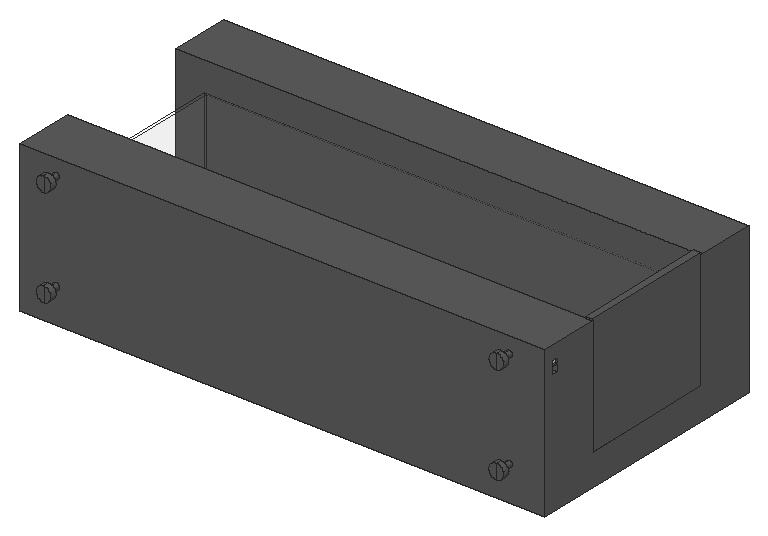
Revit family "HVAC_Fireplaces_Regency-Fireplace_San-Francisco-gas-fireplace_CB60E", category Specialty Equipment, host Face, Revit 2026
Family settings
  Host = Face
  Round Connector Dimension = Use Diameter
  Part Type = Normal
  Classification Number = 23.40.20.34.14
  Enable Cutting in Views = No
  Cut with Voids When Loaded = No
  Maintain Annotation Orientation = No
  Shared = No
  Room Calculation Point = No
Parameters (values of type "CB60E-LP1")
  Width = 71.25984"  # constant formula
  WIFI Dongle Installation = yes
  Voltage = 120 V
  Visible connector [instance] = 1 = 0  # no
  Version = 0
  Ventilation flow = 0.0 L/s
  Vent offset note [instance] = "Only works with installation option 2, changes from 0″ to 2″"  # constant formula
  Vent offset [instance] = 3"
  URL = "https://www.regency-fire.com/en/default.aspx"
  Side option note [instance] = if(Side option = 1, "Front side", if(Side option = 2, "Right side", if(Side option = 3, "Left side", "Enter value 1 to 3")))  # "Left side"
  Side option [instance] = 3
  Right side [instance] = Nom Side option = 2  # no
  Right panel [instance] = and(not(Corner Installation Kit), Nom Side option = 2)  # no
  Right offset [instance] = if(Nom Side option = 2, 35.62992", 44.88189")  # 44.88189"
  Right corner [instance] = and(Corner Installation Kit, Nom Side option = 2)  # no
  Product data url = "https://www.bimobject.com/regency-fireplace-products/product/san-francisco-bay-60-gas-fireplace"
  Product Page URL = "https://www.regency-fire.com/en/Products/Gas/Designer-Gas-Fireplaces/CB60E"
  Product Documentation Link = "https://assets.regency-fire.com/getattachment/658d10ab-6824-4076-8087-6231ec8a10ba/CB60E-1.aspx"
  Power Factor = 1
  Power Consumption = 0 W
  Pipe Diameter = 0.5"  # constant formula
  Orifce Size -Altitude 0-4500 ft = "# 50 DMS"
  Option 2 [instance] = and(Installation clearance, Nom Option = 2)  # no
  Option 1 [instance] = and(Installation clearance, Nom Option = 1)  # no
  Number of Poles = 1
  Nom Vent offset [instance] = if(or(Vent offset < 0", Vent offset = 0"), 0", if(and(Vent offset > 0", Vent offset < 2"), Vent offset, if(or(Vent offset > 2", Vent offset = 2"), 2", 0")))  # 2"
  Nom Vent height = 74.01575"
  Nom Side option [instance] = if(or(Side option < 1, Side option = 1), 1, if(and(Side option > 1, Side option < 3), Side option, if(or(Side option > 3, Side option = 3), 3, 0)))  # 3
  Nom Option [instance] = if([Installation options (ventilation openings)] = 1, 1, 2)  # 1
  Nom Chase enclosure height [instance] = if(Nom Option = 3, 81.25", if(and(or(Nom Option = 1, Nom Option = 2), or(Chase enclosure height < 81.25", Chase enclosure height = 81.25")), 81.25", Chase enclosure height))  # 85"
  Model = "CB60E-NG"
  Minimum Supply Pressure = "11” W.C. (2.73 kPa)"
  Minimum Input Altitude 0-4500 ft. (0-1372m) = "19,500 Btu/h (5.71 kW)"
  Maximum Input Altitude 0-4500 ft. (0-1372m) = "36,000 Btu/h (10.54 kW)"
  Manufacturer = "Regency Fireplace"  # constant formula
  Manifold Pressure - Low = "2.9” W.C. (0.72 kPa)"
  Manifold Pressure - High = "10.5” W.C. (2.62 kPa)"
  Left side [instance] = Nom Side option = 3  # yes
  Left panel [instance] = and(not(Corner Installation Kit), Nom Side option = 3)  # yes
  Left offset [instance] = if(Nom Side option = 3, 35.62992", 44.88189")  # 35.62992"
  Left corner [instance] = and(Corner Installation Kit, Nom Side option = 3)  # no
  Installation options note [instance] = if([Installation options (ventilation openings)] = 1, "Option 1 - Floor to ceiling with top ventilation opening", if([Installation options (ventilation openings)] = 2, "Option 2 - Low framing with ventilation opening in front/2 sides or top", "Enter value 1 to 2"))  # "Option 1 - Floor to ceiling with top ventilation opening"
  Installation options (ventilation openings) [instance] = 1
  Inner Panel Material [instance] = Regency Fireplace - Metal - Black Inner Panel
  Housing Material = Regency Fireplace - Metal - Black
  Height = 38.97638"  # constant formula
  Heat Wave Installation Note [instance] = "Only required in circumstances where the goal is to transfer some heat from the fireplace to an alternate interior room, please contact the manufacturer for details."  # constant formula
  Heat Wave Installation [instance] = yes
  Gas flow = 0.0 L/s
  Gas Connector Description = "Propane gas supply"
  Fuel Type = "Propane"
  Front side [instance] = Nom Side option = 1  # no
  Frequency = 60 Hz
  Installation clearance [instance] = no
  Firebed Material [instance] = Regency Fireplace - Wood - Birch Log Set Firebed
  Duct Diameter = 4"  # constant formula
  Duct Connector Description = "5” Inner /8” Outer"  # constant formula
  Description = "The Regency City Series San Francisco Bay 60” large gas fireplace is the perfect size for any room. The new San Francisco Bay 60” gas fireplace includes all the innovations of the City Series in an all new size."  # constant formula
  Depth = 20.27559"  # constant formula
  Default Elevation = 0"  # constant formula
  Date Updated = ""
  Date Created = ""
  Current = 1.5 A
  Corner Installation Kit note [instance] = "Corner conversion liner panel is installed only in corner fireplaces on glass"  # constant formula
  Corner Installation Kit [instance] = no
  Connector [instance] = if(Heat Wave Installation, 3, 2)  # 3
  Chase enclosure height [instance] = 85"
  CSA P.4.1 = "56.43%"
  Apparent Load = Power Consumption / Power Factor  # 0 VA
Types (3): name | Side option note | Side option | Orifce Size -Altitude 0-4500 ft | Nom Side option | Minimum Supply Pressure | Minimum Input Altitude 0-4500 ft. (0-1372m) | Maximum Input Altitude 0-4500 ft. (0-1372m) | Manifold Pressure - Low | Manifold Pressure - High | Left side | Left panel | Left offset | Gas Connector Description | Fuel Type | Front side | CSA P.4.1
  (no name) | "Left side" | 3 | "# 50 DMS" | 3 | "11” W.C. (2.73 kPa)" | "19,500 Btu/h (5.71 kW)" | "36,000 Btu/h (10.54 kW)" | "2.9” W.C. (0.72 kPa)" | "10.5” W.C. (2.62 kPa)" | yes | yes | 35.62992" | "Propane gas supply" | "Propane" | no | "56.43%"
  CB60E-LP1 | "Left side" | 3 | "# 50 DMS" | 3 | "11” W.C. (2.73 kPa)" | "19,500 Btu/h (5.71 kW)" | "36,000 Btu/h (10.54 kW)" | "2.9” W.C. (0.72 kPa)" | "10.5” W.C. (2.62 kPa)" | yes | yes | 35.62992" | "Propane gas supply" | "Propane" | no | "56.43%"
  CB60E-NG1 | "Front side" | 1 | "# 32 DMS" | 1 | "5” W.C. (1.25 kPa)" | "21,000Btu/h (6.15 kW)" | "39,000 Btu/h (11.42 kW)" | "1.1” W.C. (0.27 kPa)" | "3.8” W.C. (0.94 kPa)" | no | no | 44.88189" | "Natural gas supply" | "Natural Gas" | yes | "56.23%"
Reference planes (in)
  plane 1 "Center (Front/Back)": y = 0
  plane 2: z = 0
  plane 3 "Center (Left/Right)": x = 0
  plane 4: z = -10.43307
  plane 5: z = -20.86614
  plane 6: x = 35.62992
  plane 7: x = -35.62992
Forms (in)
  Extrusion 1, solid, material "Regency Fireplace - Metal - Black" <- "Housing Material"
    sketch origin (0, 0, 0) x (1, 0, 0) y (0, 1, 0)
      loop
        line (-35.62992, 2.16535) -> (35.62992, 2.16535) -> (35.62992, 36.61417) -> (-35.62992, 36.61417) -> (-35.62992, 2.16535)
    from -20.47244 to -0.19685
  Revolve 2, solid, material "Regency Fireplace - Metal - Black" <- "Housing Material"
    sketch origin (-30.73011, 0, 0) x (0, 1, 0) y (0, 0, 1)
      loop
        line (2.16535, -2.3622) -> (2.16535, -1.9685) -> (0.7874, -1.9685) -> (0.7874, -1.37795) -> (0, -1.37795) -> (0, -2.3622) -> (2.16535, -2.3622)
      axis (2.16535, -2.3622) -> (0, -2.3622)
    angle from 0 to 360
  Revolve 3, solid, material "Regency Fireplace - Metal - Black" <- "Housing Material"
    sketch origin (-30.73011, 0, -13.38583) x (0, 1, 0) y (0, 0, 1)
      loop
        line (2.16535, -2.3622) -> (2.16535, -1.9685) -> (0.7874, -1.9685) -> (0.7874, -1.37795) -> (0, -1.37795) -> (0, -2.3622) -> (2.16535, -2.3622)
      axis (2.16535, -2.3622) -> (0, -2.3622)
    angle from 0 to 360
  Revolve 4, solid, material "Regency Fireplace - Metal - Black" <- "Housing Material"
    sketch origin (30.73011, 0, 0) x (0, 1, 0) y (0, 0, -1)
      loop
        line (2.16535, 2.3622) -> (0, 2.3622) -> (0, 1.37795) -> (0.7874, 1.37795) -> (0.7874, 1.9685) -> (2.16535, 1.9685) -> (2.16535, 2.3622)
      axis (2.16535, 2.3622) -> (0, 2.3622)
    angle from 0 to 360
  Revolve 5, solid, material "Regency Fireplace - Metal - Black" <- "Housing Material"
    sketch origin (30.73011, 0, -13.38583) x (0, 1, 0) y (0, 0, -1)
      loop
        line (2.16535, 2.3622) -> (0, 2.3622) -> (0, 1.37795) -> (0.7874, 1.37795) -> (0.7874, 1.9685) -> (2.16535, 1.9685) -> (2.16535, 2.3622)
      axis (2.16535, 2.3622) -> (0, 2.3622)
    angle from 0 to 360
  Extrusion 6, void
    sketch origin (0, -0.23622, 0) x (1, 0, 0) y (0, 1, 0)
      loop
        line (-44.88189, 28.8189) -> (-44.88189, 10.47244) -> (35.62992, 10.47244) -> (35.62992, 28.8189) -> (-44.88189, 28.8189)
    from -16.1811 to 0
  Revolve 7, solid, material "Regency Fireplace - Metal - Silver"
    sketch origin (0, 1.41732, -0.19685) x (0, 1, 0) y (0, 0, 1)
      loop
        line (35.19685, -13.77953) -> (37.55906, -13.77953) -> (37.55906, -11.27953) -> (36.37795, -11.27953) -> (36.37795, -9.76378) -> (35.19685, -9.76378) -> (35.19685, -13.77953)
      axis (35.19685, -13.77953) -> (37.55906, -13.77953)
    angle from 0 to 360
  Extrusion 8, solid, material "Regency Fireplace - Glass - Clear", visible <- "Front side"
    sketch origin (0, 10.43307, 0) x (-1, 0, 0) y (0, 0, 1)
      loop
        line (-31.4833, -4.33071) -> (31.51513, -4.33071) -> (31.51513, -16.1811) -> (31.71198, -16.1811) -> (31.71198, -4.13386) -> (-31.68015, -4.13386) -> (-31.68015, -16.1811) -> (-31.4833, -16.1811) -> (-31.4833, -4.33071)
    from -0.19685 to 18.14961
  Extrusion 9, solid, material "Regency Fireplace - Wood - Birch Log Set Firebed" <- "Firebed Material", visible <- "Front side", detail levels medium+fine
    sketch origin (0, 0, 0) x (1, 0, 0) y (0, 0, 1)
      loop
        line (31.4833, -16.1811) -> (31.4833, -4.33071) -> (-31.51513, -4.33071) -> (-31.51513, -16.1811) -> (31.4833, -16.1811)
    from -10.43307 to -10.23622
  Extrusion 10, solid, material "Regency Fireplace - Metal - Black Inner Panel" <- "Inner Panel Material", visible <- "Right side"
    sketch origin (0, 10.23622, 0) x (1, 0, 0) y (0, 0, 1)
      loop
        line (-34.62598, -16.1811) -> (31.4833, -16.1811) -> (31.4833, -15.98425) -> (-34.62598, -15.98425) -> (-34.62598, -16.1811)
    from -18.34646 to -0.19685
  Extrusion 11, void
    sketch origin (35.62992, 0, 0) x (0, 1, 0) y (0, 0, 1)
      loop
        line (3.29532, -1.97558) -> (3.29532, -2.67646) -> (4.27957, -2.67646) -> (4.27957, -1.97558) -> (3.29532, -1.97558)
      loop
        line (3.29532, -3.74723) -> (4.27957, -3.74723) -> (4.27957, -2.79297) -> (3.29532, -2.79297) -> (3.29532, -3.74723)
    from -0.9584 to 0
  Extrusion 12, solid
    sketch origin (34.67152, 0, 0) x (0, 1, 0) y (0, 0, 1)
      loop
        circle (3.78745, -2.32602) r 0.25197
    from 0 to 0.72344
  Extrusion 13, void
    sketch origin (0, 0, 0) x (1, 0, 0) y (0, 1, 0)
      loop
        line (-35.62992, 38.97638) -> (-35.62992, 0) -> (35.62992, 0) -> (35.62992, 38.97638) -> (-35.62992, 38.97638)
    from -20.47244 to -0.19685
  Extrusion 14, solid, material "Regency Fireplace - Metal - Black" <- "Housing Material", visible <- "Right panel"
    sketch origin (0, 0, 0) x (1, 0, 0) y (0, 1, 0)
      loop
        line (-35.61024, 28.58268) -> (-35.61024, 10.23622) -> (-34.62598, 10.23622) -> (-34.62598, 28.58268) -> (-35.61024, 28.58268)
    from -16.1811 to 0
  Extrusion 15, solid, material "Regency Fireplace - Metal - Black" <- "Housing Material", visible <- "Left panel"
    sketch origin (0, 0, 0) x (-1, 0, 0) y (0, -1, 0)
      loop
        line (-35.61024, -28.58268) -> (-34.62598, -28.58268) -> (-34.62598, -10.23622) -> (-35.61024, -10.23622) -> (-35.61024, -28.58268)
    from -16.1811 to 0
  Extrusion 16, solid, material "Regency Fireplace - Glass - Clear", visible <- "Right side"
    sketch origin (0, 10.43307, 0) x (-1, 0, 0) y (0, 0, 1)
      loop
        line (-31.4833, -4.33071) -> (34.62598, -4.33071) -> (34.62598, -4.13386) -> (-31.68015, -4.13386) -> (-31.68015, -16.1811) -> (-31.4833, -16.1811) -> (-31.4833, -4.33071)
    from -0.19685 to 18.14961
  Extrusion 17, solid, material "Regency Fireplace - Glass - Clear", visible <- "Left side"
    sketch origin (0, 10.43307, 0) x (-1, 0, 0) y (0, 0, 1)
      loop
        line (31.51513, -4.33071) -> (31.51513, -16.1811) -> (31.71198, -16.1811) -> (31.71198, -4.13386) -> (-34.62598, -4.13386) -> (-34.62598, -4.33071) -> (31.51513, -4.33071)
    from -0.19685 to 18.14961
  Extrusion 18, solid, material "Regency Fireplace - Clearance", visible <- "Installation clearance"
    sketch origin (0, 0, 0) x (1, 0, 0) y (0, 0, 1)
      loop
        line (-35.62992, 0) -> (-35.62992, -20.86614) -> (35.62992, -20.86614) -> (35.62992, 0) -> (-35.62992, 0)
    from -85 to 0
  Extrusion 19, solid, material "Regency Fireplace - Wood - Birch Log Set Firebed" <- "Firebed Material", visible <- "Left side", detail levels medium+fine
    sketch origin (0, 0, 0) x (1, 0, 0) y (0, 0, 1)
      loop
        line (34.62598, -16.1811) -> (34.62598, -4.33071) -> (-31.51513, -4.33071) -> (-31.51513, -16.1811) -> (34.62598, -16.1811)
    from -10.43307 to -10.23622
  Extrusion 20, solid, material "Regency Fireplace - Wood - Birch Log Set Firebed" <- "Firebed Material", visible <- "Right side", detail levels medium+fine
    sketch origin (0, 0, 0) x (1, 0, 0) y (0, 0, 1)
      loop
        line (31.4833, -16.1811) -> (31.4833, -4.33071) -> (-34.62598, -4.33071) -> (-34.62598, -16.1811) -> (31.4833, -16.1811)
    from -10.43307 to -10.23622
  Extrusion 21, solid, material "Regency Fireplace - Metal - Silver", visible <- "Heat Wave Installation"
    sketch origin (-24.82283, 36.61417, 0) x (1, 0, 0) y (0, 0, -1)
      loop
        line (44.23948, 11.43208) -> (44.23948, 19.3061) -> (36.36546, 19.3061) -> (36.36546, 11.43208) -> (44.23948, 11.43208)
      loop
        line (5.40619, 11.43208) -> (13.2802, 11.43208) -> (13.2802, 19.3061) -> (5.40619, 19.3061) -> (5.40619, 11.43208)
    from 0 to 3.93701
  Extrusion 22, solid, material "Regency Fireplace - Metal - Silver", visible <- "Heat Wave Installation"
    sketch origin (-24.82283, 40.55118, 0) x (1, 0, 0) y (0, 0, -1)
      loop
        circle (40.30247, 15.36909) r 2.75591
      loop
        circle (9.3432, 15.36909) r 2.75591
    from 0 to 5.90551
  Extrusion 23, solid, material "Regency Fireplace - Metal - Black Inner Panel" <- "Inner Panel Material", visible <- "Front side"
    sketch origin (0, 10.23622, 0) x (1, 0, 0) y (0, 0, 1)
      loop
        line (-31.51513, -16.1811) -> (31.4833, -16.1811) -> (31.4833, -15.98425) -> (-31.51513, -15.98425) -> (-31.51513, -16.1811)
    from -18.34646 to -0.19685
  Extrusion 24, solid, material "Regency Fireplace - Metal - Black Inner Panel" <- "Inner Panel Material", visible <- "Left side"
    sketch origin (0, 10.23622, 0) x (1, 0, 0) y (0, 0, 1)
      loop
        line (-31.51513, -16.1811) -> (34.62598, -16.1811) -> (34.62598, -15.98425) -> (-31.51513, -15.98425) -> (-31.51513, -16.1811)
    from -18.34646 to -0.19685
  Extrusion 25, solid, material "Regency Fireplace - Metal - Black" <- "Housing Material", visible <- "Right corner"
    sketch origin (0, 0, 0) x (1, 0, 0) y (0, 0, 1)
      loop
        line (-34.62598, -3.15386) -> (-34.62598, 0) -> (-35.61024, 0) -> (-35.61024, -4.13386) -> (-31.71198, -4.13386) -> (-31.71198, -3.15386) -> (-34.62598, -3.15386)
    from -28.58268 to -10.23622
  Extrusion 26, solid, material "Regency Fireplace - Metal - Black" <- "Housing Material", visible <- "Left corner"
    sketch origin (0, 0, 0) x (1, 0, 0) y (0, 0, 1)
      loop
        line (34.64567, -3.15386) -> (31.73167, -3.15386) -> (31.73167, -4.13386) -> (35.62992, -4.13386) -> (35.62992, 0) -> (34.64567, 0) -> (34.64567, -3.15386)
    from -28.58268 to -10.23622
  Extrusion 27, solid, material "Regency Fireplace - Metal - Black" <- "Housing Material", visible <- "Right corner"
    sketch origin (0, 0, 0) x (1, 0, 0) y (0, 1, 0)
      loop
        line (-35.61024, 28.58268) -> (-35.61024, 10.23622) -> (-34.62598, 10.23622) -> (-34.62598, 28.58268) -> (-35.61024, 28.58268)
    from -16.1811 to -4.13386
  Extrusion 28, solid, material "Regency Fireplace - Metal - Black" <- "Housing Material", visible <- "Left corner"
    sketch origin (0, 0, 0) x (-1, 0, 0) y (0, -1, 0)
      loop
        line (-35.61024, -28.58268) -> (-34.62598, -28.58268) -> (-34.62598, -10.23622) -> (-35.61024, -10.23622) -> (-35.61024, -28.58268)
    from -16.1811 to -4.33071
Cuts and joins
  Extrusion 6, Extrusion 11 cuts Extrusion 1
Lines and regions (in)
  Masking region 1, visible <- "Installation clearance"
    outline origin (0, 0, 0) x (1, 0, 0) y (0, 1, 0)
      loop
        line (-35.62992, 85) -> (-35.62992, 0) -> (35.62992, 0) -> (35.62992, 85) -> (-35.62992, 85)
  Masking region 2, not visible
    outline origin (0, 0, 0) x (1, 0, 0) y (0, 1, 0)
      loop
        line (-35.62992, 78.5) -> (-35.62992, 36.61417) -> (35.62992, 36.61417) -> (35.62992, 78.5) -> (-35.62992, 78.5)
  Masking region 3
    outline origin (0, 0, 0) x (1, 0, 0) y (0, 1, 0)
      loop
        line (-35.61024, 28.58268) -> (-35.61024, 10.23622) -> (35.61024, 10.23622) -> (35.61024, 28.58268) -> (-35.61024, 28.58268)
  Masking region 4
    outline origin (0, 0, 0) x (1, 0, 0) y (0, 0, 1)
      loop
        line (35.62992, 0) -> (-35.62992, 0) -> (-35.62992, -20.86614) -> (35.62992, -20.86614) -> (35.62992, 0)
  Masking region 5
    outline origin (0, 0, 0) x (1, 0, 0) y (0, 0, 1)
      loop
        circle (0, -13.97638) r 4.01575
      loop
        circle (0, -13.97638) r 2.5
  Masking region 6, visible <- "Heat Wave Installation"
    outline origin (0, 0, 0) x (1, 0, 0) y (0, 0, 1)
      loop
        line (-19.41665, -11.43208) -> (-19.41665, -19.3061) -> (-11.54263, -19.3061) -> (-11.54263, -11.43208) -> (-19.41665, -11.43208)
      loop
        line (19.41665, -11.43208) -> (11.54263, -11.43208) -> (11.54263, -19.3061) -> (19.41665, -19.3061) -> (19.41665, -11.43208)
  Masking region 7, visible <- "Heat Wave Installation"
    outline origin (0, 0, 0) x (1, 0, 0) y (0, 0, 1)
      loop
        circle (-15.47964, -15.36909) r 2.75591
      loop
        circle (15.47964, -15.36909) r 2.75591
  reference lines
    curve 1: line (-11.47676, 85, 0) -> (20.64923, 85, 0)
    curve 2: line (-35.62992, 83, 0) -> (35.62992, 83, 0)
    curve 3: line (-44.88189, 57.02951, 0) -> (-44.88189, 1.27044, 0)
    curve 4: line (35.62992, 57.95457, 0) -> (35.62992, 3.7703, 0)
    curve 5: line (35.62992, 83, 0) -> (35.62992, 83, -20.86614)
    curve 6: line (-35.62992, 83, 0) -> (-35.62992, 83, -20.86614)
    curve 7: line (-35.62992, 83, -20.86614) -> (35.62992, 83, -20.86614)
  model lines, style "Clearance", visible <- "Option 1"
    curve 8: line (34.64567, 85, -20.86614) -> (34.64567, 85, -0.98425)
    curve 9: line (34.64567, 85, -0.98425) -> (-34.64567, 85, -0.98425)
    curve 10: line (-34.64567, 85, -0.98425) -> (-34.64567, 85, -20.86614)
  model lines, style "Clearance", visible <- "Option 2"
    curve 11: line (29.2126, 85, -8.68307) -> (-30.7874, 85, -8.68307)
    curve 12: line (-30.7874, 85, -8.68307) -> (-30.7874, 85, -11.68307)
    curve 13: line (-30.7874, 85, -11.68307) -> (29.2126, 85, -11.68307)
    curve 14: line (29.2126, 85, -11.68307) -> (29.2126, 85, -8.68307)
    curve 15: line (29.2126, 80, 0) -> (-30.7874, 80, 0)
    curve 18: line (-30.7874, 83, 0) -> (-30.7874, 80, 0)
    curve 19: line (35.62992, 75, -2.93307) -> (35.62992, 75, -17.93307)
    curve 20: line (35.62992, 75, -2.93307) -> (35.62992, 83, -2.93307)
    curve 21: line (35.62992, 83, -2.93307) -> (35.62992, 83, -17.93307)
    curve 22: line (35.62992, 83, -17.93307) -> (35.62992, 75, -17.93307)
    curve 23: line (-35.62992, 75, -2.93307) -> (-35.62992, 75, -17.93307)
    curve 24: line (-35.62992, 75, -2.93307) -> (-35.62992, 83, -2.93307)
    curve 25: line (-35.62992, 83, -2.93307) -> (-35.62992, 83, -17.93307)
    curve 26: line (-35.62992, 83, -17.93307) -> (-35.62992, 75, -17.93307)
    curve 27: line (29.2126, 80, 0) -> (-30.7874, 80, 0)
    curve 30: line (-30.7874, 83, 0) -> (-30.7874, 80, 0)
    curve 31: line (29.2126, 83, 0) -> (-30.7874, 83, 0)
    curve 32: line (29.2126, 83, 0) -> (29.2126, 80, 0)
  model lines, style "Clearance", not visible
    curve 16: line (29.2126, 80, 0) -> (29.2126, 83, 0)
    curve 17: line (29.2126, 83, 0) -> (-30.7874, 83, 0)
    curve 28: line (29.2126, 80, 0) -> (29.2126, 83, 0)
    curve 29: line (29.2126, 83, 0) -> (-30.7874, 83, 0)
Dimensions and locks (in)
  "Nom Chase enclosure height": plane 1 "Center (Front/Back)" to curve 1
  "Right offset": curve 3 to plane 3 "Center (Left/Right)"
  "Left offset": plane 3 "Center (Left/Right)" to curve 4
  curve 6 to plane 3 "Center (Left/Right)" to curve 5 = 35.62992" locked, 35.62992" locked
  curve 2 to plane 3 "Center (Left/Right)" to curve 2 = 35.62992" locked, 35.62992" locked
  equal spacing: group 2, group 3, group 1
  equal spacing: group 1, group 3, group 2  (x2)
  equal spacing: group 5, group 6, group 4
  equal spacing: group 4, group 6, group 5  (x2)
  "Nom Vent offset": curve 2 to curve 1
  aligned and locked: plane 2 to host face
  aligned and locked: level to host face
  aligned and locked: curve 3 to Extrusion 6 sketch curve
  aligned and locked: curve 4 to Extrusion 6 sketch curve
  aligned and locked: Extrusion 18 to curve 1
  aligned and locked: Masking region 1 sketch curve to curve 1
Automatic sketch dimensions
  host sketch curve to host sketch curve = 96"  (x2)
  Revolve 2 sketch curve to plane 1 "Center (Front/Back)" = 0"
  Revolve 2 sketch curve to Revolve 2 sketch curve = 0.7874"
  Revolve 2 sketch curve to Revolve 2 sketch curve = 1.37795"
  Revolve 2 sketch curve to level = 2.3622"
  Revolve 2 sketch curve to Revolve 2 sketch curve = 0.3937"
  Revolve 2 sketch curve to Revolve 2 sketch curve = 0.59055"
  plane 1 "Center (Front/Back)" to Revolve 2 sketch curve = 1.37795"
  Revolve 2 sketch curve to Revolve 2 sketch curve = 0"  (x2)
  Revolve 3 sketch curve to plane 1 "Center (Front/Back)" = 0"
  Revolve 3 sketch curve to Revolve 3 sketch curve = 0.7874"
  Revolve 3 sketch curve to Revolve 3 sketch curve = 1.37795"
  Revolve 3 sketch curve to level = 15.74803"
  Revolve 3 sketch curve to Revolve 3 sketch curve = 0.3937"
  Revolve 3 sketch curve to Revolve 3 sketch curve = 0.59055"
  plane 1 "Center (Front/Back)" to Revolve 3 sketch curve = 1.37795"
  Revolve 3 sketch curve to Revolve 3 sketch curve = 0"  (x2)
  Revolve 4 sketch curve to plane 1 "Center (Front/Back)" = 0"
  Revolve 4 sketch curve to Revolve 4 sketch curve = 0.7874"
  Revolve 4 sketch curve to Revolve 4 sketch curve = 1.37795"
  Revolve 4 sketch curve to level = 1.37795"
  Revolve 4 sketch curve to Revolve 4 sketch curve = 0.59055"
  Revolve 4 sketch curve to Revolve 4 sketch curve = 0.3937"
  plane 1 "Center (Front/Back)" to Revolve 4 sketch curve = 1.37795"
  Revolve 4 sketch curve to Revolve 4 sketch curve = 0"  (x2)
  Revolve 5 sketch curve to plane 1 "Center (Front/Back)" = 0"
  Revolve 5 sketch curve to Revolve 5 sketch curve = 0.7874"
  Revolve 5 sketch curve to Revolve 5 sketch curve = 1.37795"
  Revolve 5 sketch curve to level = 14.76378"
  Revolve 5 sketch curve to Revolve 5 sketch curve = 0.59055"
  Revolve 5 sketch curve to Revolve 5 sketch curve = 0.3937"
  plane 1 "Center (Front/Back)" to Revolve 5 sketch curve = 1.37795"
  Revolve 5 sketch curve to Revolve 5 sketch curve = 0"  (x2)
  Extrusion 6 sketch curve to plane 1 "Center (Front/Back)" = 10.23622"
  Extrusion 6 sketch curve to Extrusion 6 sketch curve = 18.34646"
  Revolve 7 sketch curve to level = 13.97638"
  Revolve 7 sketch curve to plane 1 "Center (Front/Back)" = 36.61417"
  Revolve 7 sketch curve to Revolve 7 sketch curve = 1.1811"  (x2)
  Revolve 7 sketch curve to Revolve 7 sketch curve = 2.5"
  Revolve 7 sketch curve to Revolve 7 sketch curve = 1.51575"
  Revolve 7 sketch curve to Revolve 7 sketch curve = 0"  (x2)
  Revolve 7 sketch curve to Revolve 7 sketch curve = 5.51181"
  Extrusion 8 sketch curve to Extrusion 9 = 0"  (x5)
  Extrusion 9 to Extrusion 8 sketch curve = 0.19685"  (x3)
  Extrusion 9 sketch curve to plane 3 "Center (Left/Right)" = 31.51513"
  Extrusion 9 sketch curve to level = 4.33071"
  plane 3 "Center (Left/Right)" to Extrusion 9 sketch curve = 31.4833"
  Extrusion 9 sketch curve to Extrusion 9 sketch curve = 11.85039"
  Extrusion 11 sketch curve to Extrusion 1 = 1.12997"
  Extrusion 11 sketch curve to Extrusion 11 sketch curve = 0"  (x2)
  Extrusion 11 sketch curve to Extrusion 11 sketch curve = 0.98425"
  Extrusion 1 to Extrusion 11 sketch curve = 3.55038"
  Extrusion 11 sketch curve to Extrusion 11 sketch curve = 0.95426"
  Extrusion 11 sketch curve to Extrusion 11 sketch curve = 0.11651"
  Extrusion 11 sketch curve to Extrusion 11 sketch curve = 0.70088"
  Extrusion 12 sketch curve to Extrusion 11 = 0.49213"
  Extrusion 12 sketch curve to Extrusion 11 = 0.35044"
  plane 1 "Center (Front/Back)" to Extrusion 13 sketch curve = 0"
  Extrusion 13 sketch curve to plane 3 "Center (Left/Right)" = 35.62992"
  plane 3 "Center (Left/Right)" to Extrusion 13 sketch curve = 35.62992"
  Extrusion 13 sketch curve to plane 1 "Center (Front/Back)" = 38.97638"
  Extrusion 14 sketch curve to plane 1 "Center (Front/Back)" = 10.23622"
  Extrusion 14 sketch curve to plane 3 "Center (Left/Right)" = 35.61024"
  Extrusion 14 sketch curve to Extrusion 14 sketch curve = 0.98425"
  Extrusion 14 sketch curve to Extrusion 14 sketch curve = 18.34646"
  plane 1 "Center (Front/Back)" to Extrusion 15 sketch curve = 10.23622"
  Extrusion 15 sketch curve to plane 3 "Center (Left/Right)" = 35.61024"
  Extrusion 15 sketch curve to Extrusion 15 sketch curve = 0.98425"
  Extrusion 15 sketch curve to Extrusion 15 sketch curve = 18.34646"
  Extrusion 16 sketch curve to Extrusion 9 = 0"  (x3)
  Extrusion 9 to Extrusion 16 sketch curve = 0.19685"  (x2)
  Extrusion 9 to Extrusion 16 sketch curve = 3.11085"
  Extrusion 9 to Extrusion 17 sketch curve = 3.14269"
  Extrusion 17 sketch curve to Extrusion 9 = 0"  (x3)
  Extrusion 9 to Extrusion 17 sketch curve = 0.19685"  (x2)
  Extrusion 9 to Extrusion 10 sketch curve = 3.11085"
  Extrusion 10 sketch curve to Extrusion 9 = 0"  (x2)
  Extrusion 10 sketch curve to Extrusion 10 sketch curve = 0.19685"
  Extrusion 18 sketch curve to level = 0"
  Extrusion 18 sketch curve to plane 3 "Center (Left/Right)" = 35.62992"
  plane 3 "Center (Left/Right)" to Extrusion 18 sketch curve = 35.62992"
  Extrusion 18 sketch curve to Extrusion 18 sketch curve = 20.86614"
  curve 5 to curve 2 = 20.86614"
  curve 6 to curve 2 = 0"
  curve 5 to curve 2 = 0"
  curve 5 to curve 21 = 2.93307"
  curve 20 to curve 5 = 0"
  curve 21 to curve 5 = 2.93307"
  curve 20 to curve 5 = 8"
  curve 24 to curve 6 = 8"
  curve 6 to curve 25 = 2.93307"
  curve 25 to curve 6 = 2.93307"
  curve 26 to curve 6 = 0"
  Extrusion 1 sketch curve to plane 1 "Center (Front/Back)" = 2.16535"
  Extrusion 1 sketch curve to plane 3 "Center (Left/Right)" = 35.62992"
  plane 3 "Center (Left/Right)" to Extrusion 1 sketch curve = 35.62992"
  Extrusion 1 sketch curve to Extrusion 1 sketch curve = 34.44882"
  Extrusion 19 sketch curve to plane 3 "Center (Left/Right)" = 31.51513"
  Extrusion 19 sketch curve to level = 4.33071"
  plane 3 "Center (Left/Right)" to Extrusion 19 sketch curve = 34.62598"
  Extrusion 19 sketch curve to Extrusion 19 sketch curve = 11.85039"
  Extrusion 20 sketch curve to plane 3 "Center (Left/Right)" = 34.62598"
  Extrusion 20 sketch curve to level = 4.33071"
  plane 3 "Center (Left/Right)" to Extrusion 20 sketch curve = 31.4833"
  Extrusion 20 sketch curve to Extrusion 20 sketch curve = 11.85039"
  plane 1 "Center (Front/Back)" to Masking region 1 sketch curve = 0"
  Masking region 1 sketch curve to plane 3 "Center (Left/Right)" = 35.62992"
  plane 3 "Center (Left/Right)" to Masking region 1 sketch curve = 35.62992"
  Masking region 2 sketch curve to plane 3 "Center (Left/Right)" = 35.62992"
  plane 3 "Center (Left/Right)" to Masking region 2 sketch curve = 35.62992"
  Masking region 2 sketch curve to plane 1 "Center (Front/Back)" = 36.61417"
  Masking region 2 sketch curve to Masking region 2 sketch curve = 41.88583"
  Masking region 3 sketch curve to plane 1 "Center (Front/Back)" = 10.23622"
  Masking region 3 sketch curve to plane 3 "Center (Left/Right)" = 35.61024"
  plane 3 "Center (Left/Right)" to Masking region 3 sketch curve = 35.61024"
  Masking region 3 sketch curve to Masking region 3 sketch curve = 18.34646"
  Masking region 4 sketch curve to level = 0"
  Masking region 4 sketch curve to plane 3 "Center (Left/Right)" = 35.62992"
  plane 3 "Center (Left/Right)" to Masking region 4 sketch curve = 35.62992"
  Masking region 4 sketch curve to level = 20.86614"
  Masking region 5 sketch curve to plane 3 "Center (Left/Right)" = 0"
  Masking region 5 sketch curve to level = 13.97638"
  Masking region 5 sketch curve to Masking region 5 sketch curve = 4.01575"
  Masking region 5 sketch curve to Masking region 5 sketch curve = 0"  (x2)
  Masking region 5 sketch curve to Masking region 5 sketch curve = 1.51575"
  Extrusion 1 to Extrusion 21 sketch curve = 1.16634"  (x2)
  Extrusion 21 sketch curve to Extrusion 1 = 16.21328"
  Extrusion 21 sketch curve to Extrusion 21 sketch curve = 7.87402"  (x3)
  Extrusion 1 to Extrusion 21 sketch curve = 9.04036"
  Extrusion 21 sketch curve to Extrusion 21 sketch curve = 23.08526"
  Extrusion 22 sketch curve to Extrusion 21 = 3.93701"  (x4)
  Masking region 6 sketch curve to plane 3 "Center (Left/Right)" = 19.41665"
  Masking region 6 sketch curve to Masking region 6 sketch curve = 7.87402"  (x4)
  plane 3 "Center (Left/Right)" to Masking region 6 sketch curve = 11.54263"
  Masking region 6 sketch curve to level = 19.3061"  (x2)
  Masking region 7 sketch curve to plane 3 "Center (Left/Right)" = 15.47964"
  Masking region 7 sketch curve to level = 15.36909"  (x2)
  Masking region 7 sketch curve to Masking region 7 sketch curve = 2.75591"  (x2)
  Masking region 7 sketch curve to Masking region 7 sketch curve = 0"  (x2)
  plane 3 "Center (Left/Right)" to Masking region 7 sketch curve = 15.47964"
  Extrusion 9 to Extrusion 23 sketch curve = 0"
  Extrusion 23 sketch curve to Extrusion 9 = 0"  (x2)
  Extrusion 23 sketch curve to Extrusion 23 sketch curve = 0.19685"
  Extrusion 24 sketch curve to Extrusion 9 = 0"
  Extrusion 9 to Extrusion 24 sketch curve = 3.14269"
  Extrusion 9 to Extrusion 24 sketch curve = 0"
  Extrusion 24 sketch curve to Extrusion 24 sketch curve = 0.19685"
  curve 10 to Extrusion 18 = 0"
  curve 8 to Extrusion 18 = 0"
  Extrusion 18 to curve 10 = 0.98425"
  Extrusion 18 to curve 12 = 4.84252"
  Extrusion 18 to curve 13 = 9.18307"
  Extrusion 18 to curve 13 = 6.41732"
  Extrusion 18 to curve 8 = 0.98425"
  curve 13 to curve 11 = 3"
  Extrusion 18 to curve 9 = 0.98425"
  curve 2 to curve 30 = 0"
  curve 2 to curve 27 = 4.84252"
  curve 2 to curve 27 = 3"
  curve 27 to curve 2 = 6.41732"
  Extrusion 27 sketch curve to plane 7 = 0.01969"
  Extrusion 27 sketch curve to Extrusion 27 sketch curve = 0.98425"
  Extrusion 27 sketch curve to plane 1 "Center (Front/Back)" = 10.23622"
  Extrusion 27 sketch curve to Extrusion 27 sketch curve = 18.34646"
  plane 6 to Extrusion 28 sketch curve = 0.01969"
  Extrusion 28 sketch curve to Extrusion 28 sketch curve = 0.98425"
  plane 1 "Center (Front/Back)" to Extrusion 28 sketch curve = 10.23622"
  Extrusion 28 sketch curve to Extrusion 28 sketch curve = 18.34646"
  Extrusion 25 sketch curve to level = 0"
  Extrusion 25 sketch curve to plane 7 = 0.01969"
  Extrusion 25 sketch curve to Extrusion 25 sketch curve = 0.98425"
  Extrusion 25 sketch curve to Extrusion 25 sketch curve = 2.914"
  Extrusion 25 sketch curve to level = 3.15386"
  Extrusion 25 sketch curve to Extrusion 25 sketch curve = 0.98"
  Extrusion 26 sketch curve to level = 0"
  Extrusion 26 sketch curve to plane 6 = 0"
  Extrusion 26 sketch curve to plane 6 = 0.98425"
  Extrusion 26 sketch curve to Extrusion 26 sketch curve = 2.914"
  Extrusion 26 sketch curve to level = 3.15386"
  Extrusion 26 sketch curve to Extrusion 26 sketch curve = 0.98"
  curve 1 to plane 3 "Center (Left/Right)" = 11.47676"
  curve 1 to plane 6 = 14.98069"
  curve 4 to curve 2 = 25.04543"
  curve 3 to curve 2 = 25.97049"
  curve 4 to plane 1 "Center (Front/Back)" = 3.7703"
  curve 3 to plane 1 "Center (Front/Back)" = 1.27044"
  radius of Extrusion 12 sketch curve = 0.25197"
  radius of Extrusion 22 sketch curve = 2.75591"  (x2)
Nested families (in)
  nested 1: "Connector" at (16.52552, 46.37795, -15.36909) x (1, 0, 0) z (0, 1, 0), visible <- "Visible connector", type "Connector"
  nested 2: "Connector" at (-14.43519, 46.37795, -15.36909) x (1, 0, 0) z (0, 1, 0), visible <- "Visible connector", type "Connector"
  nested 3: "Connector" at (14.43375, 46.37795, -15.36909) x (1, 0, 0) z (0, 1, 0), visible <- "Visible connector", type "Connector"
  nested 4: "Connector" at (15.47964, 46.37795, -15.36909) x (1, 0, 0) z (0, 1, 0), visible <- "Visible connector", type "Connector"
  nested 5: "Connector" at (-16.52409, 46.37795, -15.36909) x (1, 0, 0) z (0, 1, 0), visible <- "Visible connector", type "Connector"
  nested 6: "Connector" at (-15.47964, 46.37795, -15.36909) x (1, 0, 0) z (0, 1, 0), visible <- "Visible connector", type "Connector"
Connectors (in)
  electrical at (34.67152, 3.78745, -3.2701), driven by "Number of Poles", driven by "Voltage", driven by "Apparent Load", driven by "Power Factor"
    settings: on cut or joined group of Extrusion 1, Extrusion 6, Extrusion 11, index 1, voltage 120 V, apparent load 0 VA, apparent load phase1 0 VA, apparent load phase2 0 VA, apparent load phase3 0 VA, power factor 1, load classification "Other", number of poles 1, system type 30, power factor state 1, is connector primary yes, connector utility no, sub classification motor no, connector description "120V, Power connector"
  piping at (35.39496, 3.78745, -2.32602), diameter 0.5, driven by "Pipe Diameter", driven by "Gas Connector Description", driven by "Gas flow"
    settings: on Extrusion 12, index 2, connector inside diameter 609.6 mm, connector length 0", flow factor 0, pipe flow 0.0 L/s, pressure drop 0.0 Pa, fitting loss kfactor 0, connector angle 0.00°, fixture units 0, engagement length 0", angle of deflection 0.00°, flow configuration 0, flow direction 1, fitting loss method 0, system type 22, joint type 0, gender type 0, connector reference index -1, connector utility 0, adjustable connector no, is connector primary yes, connector description "Propane gas supply"
  hvac at (0, 38.97638, -13.97638), driven by "Duct Diameter", driven by "Ventilation flow", driven by "Duct Connector Description"
    settings: on Revolve 7, index 3, duct flow 0.0 L/s, flow factor 0, pres drop 0.0 Pa, loss coef 0, conn angle 0.00°, conn width 304.8 mm, conn height 304.8 mm, conn diameter 101.6 mm, duct sys type 3, conn prof type 0, flow config 0, flow direction 0, loss method 0, conn ref index -1, conn util no, is conn primary yes, conn desc "5” Inner /8” Outer"
  hvac at (15.47964, 46.45669, -15.36909), driven by "Duct Diameter", driven by "Ventilation flow", driven by "Duct Connector Description"
    settings: on nested 4, index 4, duct flow 0.0 L/s, flow factor 0, pres drop 0.0 Pa, loss coef 0, conn angle 0.00°, conn width 304.8 mm, conn height 304.8 mm, conn diameter 101.6 mm, duct sys type 3, conn prof type 0, flow config 0, flow direction 2, loss method 0, conn ref index -1, conn util no, is conn primary no, conn desc "5” Inner /8” Outer"
  hvac at (-15.47964, 46.45669, -15.36909), driven by "Duct Diameter", driven by "Ventilation flow", driven by "Duct Connector Description"
    settings: on nested 6, index 5, duct flow 0.0 L/s, flow factor 0, pres drop 0.0 Pa, loss coef 0, conn angle 0.00°, conn width 304.8 mm, conn height 304.8 mm, conn diameter 101.6 mm, duct sys type 3, conn prof type 0, flow config 0, flow direction 2, loss method 0, conn ref index -1, conn util no, is conn primary no, conn desc "5” Inner /8” Outer"
Definition of nested family "Connector"
  Parameters (values of type "Connector")
    Default Elevation = 48"
  Reference planes (in)
    plane 1 "Center (Front/Back)": y = 0
    plane 2: z = 0
    plane 3 "Center (Left/Right)": x = 0
  Forms (in)
    Extrusion 1, solid
      sketch origin (0, 0, 0) x (1, 0, 0) y (0, 1, 0)
        loop
          circle (0, 0) r 0.03245
      from 0 to 0.07874
  Dimensions and locks (in)
    aligned and locked: level to plane 2
